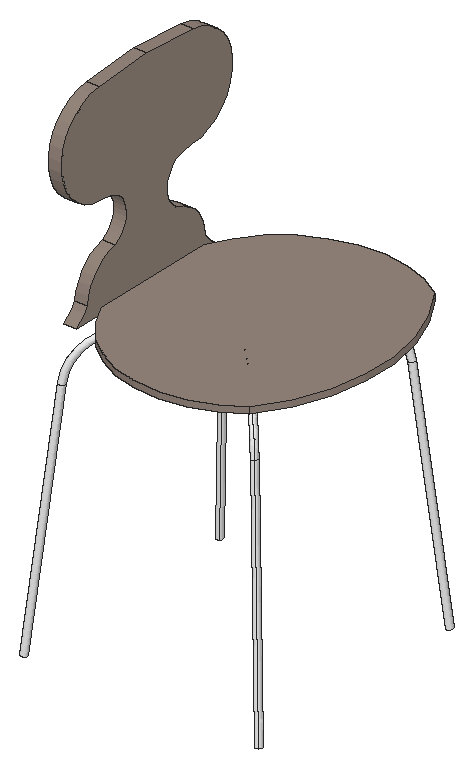
Revit family "Chair 1", category Furniture, Revit 2026
Family settings
  Work Plane-Based = No
  Enable Cutting in Views = No
  Always vertical = Yes
  Cut with Voids When Loaded = No
  Render Appearance Source = Family Geometry
  Shared = No
  Room Calculation Point = No
Parameters
  __Temp [instance] = 0 mm
  Keynote = "12600"
  Manufacturer = ""
  Default Elevation = 0 mm
  Bracket Material = Herman Miller - Finish 47 Trivalent Chrome
  Model = ""
  Cushion/Chair Back Material = Herman Miller - Veneer Z5 Maple
  BG_DIM_Width2 [instance] = 0 mm
  BG_DIM_Depth1 [instance] = 0 mm
Reference planes
  plane 1 "Center F/B": y = -198.997
  plane 2: z = 0
  plane 3 "Center L/R": x = -1.022
Forms (mm)
  Sweep 1, solid, material "Herman Miller - Finish 47 Trivalent Chrome" <- "Bracket Material"
    path origin (61.052, -65.204, 45) x (0, 0, -1) y (0.707107, -0.707107, 0)
      loop
        line (45, -82.843) -> (-332.364, -36.508)
        arc (-332.364, -36.508) -> (-382.531, -10.114) -> (-402.615, 42.895) r 80
        line (-402.615, 42.895) -> (-402.615, 181.322)
    profile origin (18.855, -23.007, 188.682) x (-0.701836, 0.701836, 0.121869) y (-0.707107, -0.707107, 0)
      loop
        circle (0, 0) r 5
  Sweep 2, solid, material "Herman Miller - Finish 47 Trivalent Chrome" <- "Bracket Material"
    path origin (57.516, -325.168, 45) x (0, 0, -1) y (0.707107, 0.707107, 0)
      loop
        line (45, -82.843) -> (-332.364, -36.508)
        arc (-332.364, -36.508) -> (-382.531, -10.114) -> (-402.615, 42.895) r 80
        line (-402.615, 42.895) -> (-402.615, 181.322)
    profile origin (15.319, -367.364, 188.682) x (-0.701836, -0.701836, 0.121869) y (0.707107, -0.707107, 0)
      loop
        circle (0, 0) r 5
  Sweep 3, solid, material "Herman Miller - Finish 47 Trivalent Chrome" <- "Bracket Material"
    path origin (303.338, -65.204, 45) x (0, 0, -1) y (0.707107, 0.707107, 0)
      loop
        line (45, 82.843) -> (-332.364, 36.508)
        arc (-332.364, 36.508) -> (-382.531, 10.114) -> (-402.615, -42.895) r 80
        line (-402.615, -42.895) -> (-402.615, -181.322)
    profile origin (345.535, -23.007, 188.682) x (0.701836, 0.701836, 0.121869) y (-0.707107, 0.707107, 0)
      loop
        circle (0, 0) r 5
  Sweep 4, solid, material "Herman Miller - Finish 47 Trivalent Chrome" <- "Bracket Material"
    path origin (306.873, -325.168, 45) x (0, 0, -1) y (0.707107, -0.707107, 0)
      loop
        line (45, 82.843) -> (-332.364, 36.508)
        arc (-332.364, 36.508) -> (-382.531, 10.114) -> (-402.615, -42.895) r 80
        line (-402.615, -42.895) -> (-402.615, -181.322)
    profile origin (349.07, -367.364, 188.682) x (0.701836, -0.701836, 0.121869) y (0.707107, 0.707107, 0)
      loop
        circle (0, 0) r 5
  Extrusion 5, solid, material "Herman Miller - Veneer Z5 Maple" <- "Cushion/Chair Back Material"
    sketch origin (0, 0, 0) x (1, 0, 0) y (0, 1, 0)
      loop
        arc (340, -9.099) -> (152.776, 17.913) -> (32.728, -128.274) r 192.616
        line (32.728, -128.274) -> (32.728, -249.923)
        arc (32.728, -249.923) -> (152.776, -396.11) -> (340, -369.099) r 192.616
        arc (340, -369.099) -> (400.673, -189.099) -> (340, -9.099) r 297.34
    from 450 to 460
  Extrusion 6, solid, material "Herman Miller - Veneer Z5 Maple" <- "Cushion/Chair Back Material"
    sketch origin (390, -409.099, -27.081) x (0, 0, -1) y (0, 1, 0)
      loop
        arc (-498.809, 95.839) -> (-486.21, 86.065) -> (-477.081, 72.99) r 53.087
        line (-477.081, 72.99) -> (-477.081, 347.212)
        arc (-477.081, 347.212) -> (-486.21, 334.138) -> (-498.809, 324.364) r 53.087
        arc (-498.809, 324.364) -> (-539.073, 308.301) -> (-561.143, 270.989) r 67.175
        arc (-561.143, 270.989) -> (-601.737, 249.17) -> (-634.197, 281.887) r 38.521
        line (-634.197, 281.887) -> (-636.604, 298.938)
        arc (-636.604, 298.938) -> (-714.694, 376.726) -> (-796.127, 302.444) r 79.872
        line (-796.127, 302.444) -> (-802.584, 210.101) -> (-796.127, 117.759)
        arc (-796.127, 117.759) -> (-714.694, 43.477) -> (-636.604, 121.265) r 79.872
        line (-636.604, 121.265) -> (-634.197, 138.316)
        arc (-634.197, 138.316) -> (-601.737, 171.033) -> (-561.143, 149.213) r 38.521
        arc (-561.143, 149.213) -> (-539.073, 111.901) -> (-498.809, 95.839) r 67.175
    from -367.272 to -347.272
Dimensions and locks
  aligned and locked: plane 1 "Center F/B" to Extrusion 6
